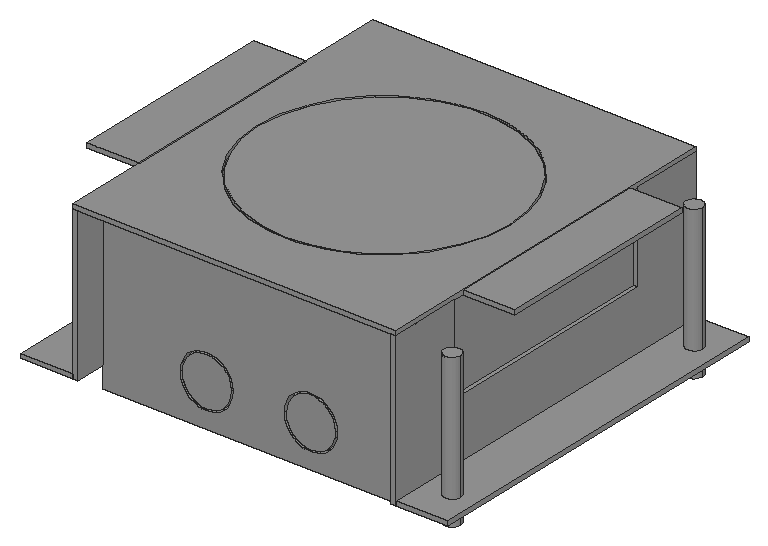
Revit family "Estrichdose für GES R2", category Generic Models, Revit 2015
Parameters (values of type "UD GES R2")
  Width = 205 mm
  URL = "http://www.obo-bettermann.com"
  Material = Steel
  Manufacturer Art.No. = "7428526"
  Manufacturer = "OBO Bettermann"
  Length = 180 mm
  HeightCalc = if(Height < 85 mm, 85 mm, (if(Height > 130 mm, 130 mm, Height)))  # 85 mm
  Height = 85 mm
  GTIN = "4012196459483"
  Article Type = "UD GES R2"
Reference planes
  plane 1 "Center (Front/Back)": y = 0
  plane 2: z = 0
  plane 3 "Center (Left/Right)": x = 0
  plane 4: z = 72.5
  plane 5: z = 83
  plane 6: z = 0
  plane 7: z = 85
  plane 8: z = 12
  plane 9: z = 59
  plane 10: z = 1
Forms (mm)
  Extrusion 1, solid, material "Steel" <- "Material"
    sketch origin (0, 0, 0) x (1, 0, 0) y (0, 1, 0)
      loop
        circle (-90.5, 0) r 4
      loop
        circle (90.5, 72.5) r 4
      loop
        circle (90.5, -72.5) r 4
    from 0 to 72.5
  Extrusion 2, solid, material "Steel" <- "Material"
    sketch origin (0, 0, 0) x (1, 0, 0) y (0, 1, 0)
      loop
        line (75, -75) -> (75, 75) -> (-75, 75) -> (-75, -75) -> (75, -75)
    from 0 to 83
  Extrusion 3, solid, material "Steel" <- "Material"
    sketch origin (0, 0, 0) x (1, 0, 0) y (0, 1, 0)
      loop
        line (-77.5, 90) -> (-77.5, -90) -> (77.5, -90) -> (77.5, 90) -> (-77.5, 90)
    from 83 to 85
  Extrusion 4, solid, material "Steel" <- "Material"
    sketch origin (0, 0, 0) x (1, 0, 0) y (0, 1, 0)
      loop
        line (77.5, 50) -> (77.5, -50) -> (102.5, -50) -> (102.5, 50) -> (77.5, 50)
      loop
        line (-77.5, 50) -> (-102.5, 50) -> (-102.5, -50) -> (-77.5, -50) -> (-77.5, 50)
    from 83 to 85
  Extrusion 5, solid, material "Steel" <- "Material"
    sketch origin (0, 0, 0) x (0, 1, 0) y (0, 0, 1)
      loop
        line (90, 83) -> (55, 83) -> (55, 40) -> (-55, 40) -> (-55, 83) -> (-90, 83) -> (-90, 10) -> (90, 10) -> (90, 83)
    from 75 to 77.5
  Extrusion 6, solid, material "Steel" <- "Material"
    sketch origin (0, 0, 0) x (0, 1, 0) y (0, 0, 1)
      loop
        line (90, 10) -> (90, 83) -> (55, 83) -> (55, 40) -> (-55, 40) -> (-55, 83) -> (-90, 83) -> (-90, 10) -> (90, 10)
    from -77.5 to -75
  Extrusion 7, solid, material "Steel" <- "Material"
    sketch origin (0, 0, 0) x (1, 0, 0) y (0, 1, 0)
      loop
        line (77.5, 90) -> (77.5, -90) -> (102.5, -90) -> (102.5, 90) -> (77.5, 90)
      loop
        line (-77.5, 90) -> (-102.5, 90) -> (-102.5, -90) -> (-77.5, -90) -> (-77.5, 90)
    from 10 to 12
  Extrusion 8, void
    sketch origin (0, 0, 0) x (1, 0, 0) y (0, 1, 0)
      loop
        line (-72, 72) -> (-72, -72) -> (72, -72) -> (72, 72) -> (-72, 72)
    from 1 to 59
  Extrusion 9, void
    sketch origin (0, 0, 0) x (1, 0, 0) y (0, 1, 0)
      loop
        circle (0, 0) r 61
    from 59 to 83
  Extrusion 10, void
    sketch origin (0, 0, 0) x (1, 0, 0) y (0, 1, 0)
      loop
        circle (0, 0) r 61
      loop
        circle (0, 0) r 60
    from 83 to 85
  Extrusion 11, void
    sketch origin (0, 0, 0) x (1, 0, 0) y (0, 0, 1)
      loop
        circle (-25, 20.6) r 12.75
      loop
        circle (-25, 20.6) r 11.75
      loop
        circle (25, 20.6) r 12.75
      loop
        circle (25, 20.6) r 11.75
    from -75 to 75
Cuts and joins
  Extrusion 8, Extrusion 9, Extrusion 10, Extrusion 11 cuts Extrusion 2
  Extrusion 8, Extrusion 9, Extrusion 10 cuts Extrusion 3
Dimensions and locks
  locked: Extrusion 1 sketch curve to plane 3 "Center (Left/Right)" at 90.5
  locked: plane 3 "Center (Left/Right)" to Extrusion 1 sketch curve at 90.5  (x2)
  locked: plane 1 "Center (Front/Back)" to Extrusion 1 sketch curve at 72.5
  locked: Extrusion 1 sketch curve to plane 1 "Center (Front/Back)" at 72.5
  locked: plane 4 to level at 72.5
  locked: Extrusion 2 sketch curve to plane 3 "Center (Left/Right)" at 75
  locked: plane 3 "Center (Left/Right)" to Extrusion 2 sketch curve at 75
  locked: plane 1 "Center (Front/Back)" to Extrusion 2 sketch curve at 75
  locked: Extrusion 2 sketch curve to plane 1 "Center (Front/Back)" at 75
  locked: plane 5 to plane 6 at 83
  "HeightCalc": plane 7 to level
  locked: plane 7 to plane 5 at 2
  locked: Extrusion 3 sketch curve to Extrusion 3 sketch curve at 155
  equal spacing: Extrusion 3 sketch curve, plane 3 "Center (Left/Right)", Extrusion 3 sketch curve, locked at 77.5 each
  "Length": Extrusion 3 sketch curve to Extrusion 3 sketch curve
  equal spacing: Extrusion 3 sketch curve, plane 1 "Center (Front/Back)", Extrusion 3 sketch curve
  locked: Extrusion 4 sketch curve to Extrusion 4 sketch curve at 100
  equal spacing: Extrusion 4 sketch curve, plane 1 "Center (Front/Back)", Extrusion 4 sketch curve, locked at 50 each
  locked: Extrusion 5 sketch curve to Extrusion 5 sketch curve at 180
  equal spacing: Extrusion 5 sketch curve, plane 1 "Center (Front/Back)", Extrusion 5 sketch curve, locked at 90 each
  locked: Extrusion 5 sketch curve to Extrusion 3 at 73
  locked: Extrusion 5 sketch curve to Extrusion 5 sketch curve at 35  (x2)
  locked: Extrusion 5 sketch curve to Extrusion 5 sketch curve at 30
  "Length": Extrusion 7 sketch curve to Extrusion 7 sketch curve  (x2)
  equal spacing: Extrusion 7 sketch curve, plane 1 "Center (Front/Back)", Extrusion 7 sketch curve  (x2)
  locked: plane 5 to plane 8 at 71
  "Width": Extrusion 4 sketch curve to Extrusion 4 sketch curve
  equal spacing: Extrusion 4 sketch curve, plane 3 "Center (Left/Right)", Extrusion 4 sketch curve
  "Width": Extrusion 7 sketch curve to Extrusion 7 sketch curve
  equal spacing: Extrusion 7 sketch curve, plane 3 "Center (Left/Right)", Extrusion 7 sketch curve
  locked: Extrusion 8 sketch curve to Extrusion 8 sketch curve at 144  (x2)
  equal spacing: Extrusion 8 sketch curve, plane 3 "Center (Left/Right)", Extrusion 8 sketch curve, locked at 72 each
  equal spacing: Extrusion 8 sketch curve, plane 1 "Center (Front/Back)", Extrusion 8 sketch curve, locked at 72 each
  locked: plane 3 "Center (Left/Right)" to Extrusion 11 sketch curve at 25
  locked: Extrusion 11 sketch curve to cut or joined group of Extrusion 2, Extrusion 8, Extrusion 9, Extrusion 10, Extrusion 11 at 20.6
  locked: plane 5 to plane 9 at 24
  locked: plane 10 to plane 6 at 1
  diameter of Extrusion 1 sketch curve = 8 mm  (x3)
  diameter of Extrusion 9 sketch curve = 122 mm
  diameter of Extrusion 10 sketch curve = 120 mm
  diameter of Extrusion 11 sketch curve = 25.5 mm  (x2)
  diameter of Extrusion 11 sketch curve = 23.5 mm  (x2)
  aligned and locked: level to plane 2
  aligned and locked: Extrusion 1 to level
  aligned and locked: plane 4 to Extrusion 1
  aligned and locked: plane 5 to Extrusion 2
  aligned and locked: Extrusion 2 to plane 6
  aligned and locked: Extrusion 3 to Extrusion 2
  aligned and locked: Extrusion 3 to plane 5
  aligned and locked: plane 7 to Extrusion 3
  aligned and locked: Extrusion 4 sketch curve to Extrusion 4 sketch curve  (x2)
  aligned and locked: Extrusion 4 to Extrusion 2
  aligned and locked: plane 7 to Extrusion 4
  aligned and locked: Extrusion 5 sketch curve to plane 5  (x2)
  aligned and locked: Extrusion 5 to Extrusion 2
  aligned and locked: Extrusion 3 to Extrusion 5
  aligned and locked: Extrusion 6 sketch curve to Extrusion 5  (x6)
  aligned and locked: plane 5 to Extrusion 6 sketch curve  (x2)
  aligned and locked: Extrusion 6 to Extrusion 3
  aligned and locked: Extrusion 6 to Extrusion 2
  aligned and locked: Extrusion 7 sketch curve to Extrusion 3
  aligned and locked: Extrusion 7 to Extrusion 5
  aligned and locked: plane 8 to Extrusion 7
  aligned and locked: Extrusion 4 sketch curve to Extrusion 3
  aligned and locked: Extrusion 3 to Extrusion 4 sketch curve
  aligned and locked: plane 9 to Extrusion 8
  aligned and locked: Extrusion 9 to Extrusion 8
  aligned and locked: Extrusion 2 to Extrusion 9
  aligned and locked: Extrusion 10 sketch curve to cut or joined group of Extrusion 2, Extrusion 8, Extrusion 9, Extrusion 10, Extrusion 11  (x2)
  aligned and locked: Extrusion 10 to Extrusion 2
  aligned and locked: plane 7 to Extrusion 10
  aligned and locked: Extrusion 2 to Extrusion 11  (x2)
  aligned and locked: Extrusion 8 to plane 10
Automatic sketch dimensions
  plane 1 "Center (Front/Back)" to Extrusion 1 sketch curve = 0 mm
  Extrusion 7 sketch curve to Extrusion 7 sketch curve = 25 mm
  plane 1 "Center (Front/Back)" to Extrusion 9 sketch curve = 0 mm
  Extrusion 9 sketch curve to plane 3 "Center (Left/Right)" = 0 mm
  Extrusion 10 sketch curve to Extrusion 10 sketch curve = 0 mm  (x2)
  Extrusion 11 sketch curve to Extrusion 11 sketch curve = 0 mm  (x4)
  plane 8 to Extrusion 11 sketch curve = 8.6 mm
  plane 3 "Center (Left/Right)" to Extrusion 11 sketch curve = 25 mm
